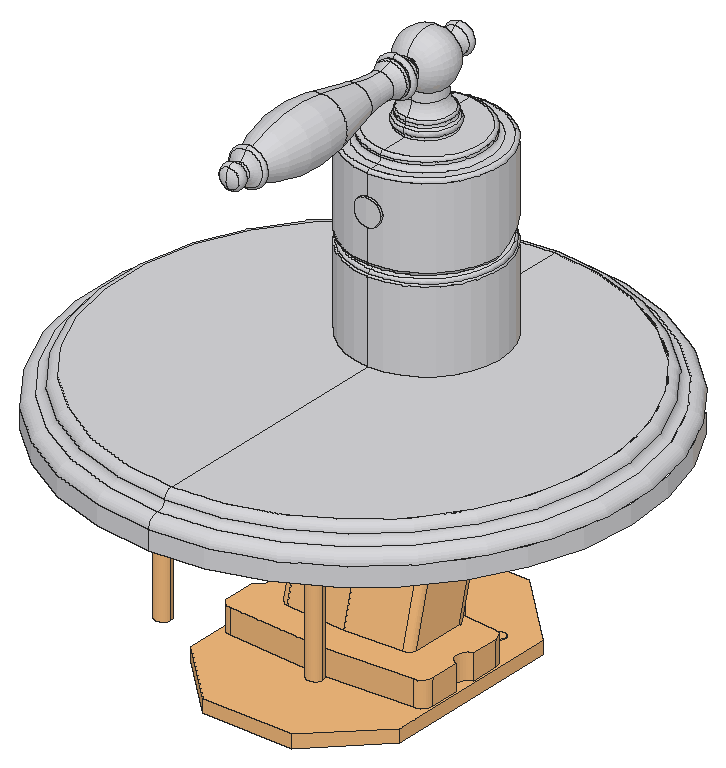
Revit family "Shower-Valve_Trim-KOHLER-MODULO-K-72804T_1", category Plumbing Fixtures, host Face, Revit 2017
Family settings
  Host = Face
  Round Connector Dimension = Use Diameter
  Part Type = Normal
  OmniClass Number = 23.31.25.00
  OmniClass Title = Toilet and Bath Specialties
  Cut with Voids When Loaded = No
  Shared = No
  Room Calculation Point = No
Parameters (values of type "CP-Polished Chrome")
  Width = 7 11/128"  # constant formula
  WaterSense Certified = 1 = 0  # no
  Waste Water Outlet = "Waste Water Outlet"  # constant formula
  Waste Connection = 1 = 0  # no
  Vent Connection = 1 = 0  # no
  URL = "http://www.kohler.com.cn/"
  Type = 1
  Tempered Water Outlet 2 = "Tempered Water Outlet 2"  # constant formula
  Tempered Water Outlet 1 = "Tempered Water Outlet 1"  # constant formula
  Product Page URL = ""
  Product Name = "MODULO"  # constant formula
  Product Documentation Link = ""
  Pressure = 0.00 psi
  Model = "K-72804T-4M-CP"  # constant formula
  Material = "Premium Metal Construction"  # constant formula
  Master Format 2014 Name = "Toilet, Bath, and Laundry Accessories"  # constant formula
  Master Format 2014 = "10 28 00"  # constant formula
  Manufacturer Address = "Kohler Beijing Office (100016) 36-2-03-B, No. 88, Liuxiang Road, Beijing"  # constant formula
  Manufacturer = "KOHLER Co."  # constant formula
  Length = 4 13/64"  # constant formula
  Hot Water Inlet = "Hot Water Inlet"  # constant formula
  Height = 7 11/128"  # constant formula
  Handle Clearance = 3 79/256"  # constant formula
  HW Connection = 1 = 1  # yes
  Flow Rate = 0 GPM
  Finish = Kohler-Metal-CP-Polished_Chrome
  Environmental Product Declaration = ""
  Drain Included = 1 = 0  # no
  Description = "CLASSIC SHOWER ONLY TRIM AND VALVE -FINIAL"  # constant formula
  Default Elevation = 42"
  Declare Label = ""
  Date Modified = "07/29/2020"  # constant formula
  Date Created = "07/29/2020"  # constant formula
  Copyright = "Copyright KOHLER Co."  # constant formula
  Contact Us = "http://www.kohler.com.cn/contact/contact-us/"
  Cold Water Inlet = "Cold Water Inlet"  # constant formula
  CW Connection = 1 = 1  # yes
  Assembly Code = "D2010700"
  ADA Compliant = 1 = 0  # no
Reference planes (in)
  plane 1 "Center (Front/Back)": y = 0
  plane 2: z = 0
  plane 3 "Center (Left/Right)": x = 0
  plane 4: y = 3.54331
  plane 5: y = -3.54263
  plane 6: x = -3.54331
  plane 7: x = 3.54263
  plane 8: y = 2.00793
  plane 9: y = 1.76045
  plane 10: y = 1.04331
  plane 11: y = 0.07869
  plane 12: y = -2.26529
  plane 13: x = -0.96343
  plane 14: x = 0.96343
  plane 15: z = 0.59055
  plane 16: z = -2.84375
  plane 17: z = 3.8189
  plane 18: z = 4.20312
  plane 19: z = 2.91339
Forms (in)
  Extrusion 1, void
    sketch origin (0, 0, 0) x (1, 0, 0) y (0, 1, 0)
      loop
        arc (0.9685, -3.01332) -> (1.67561, -2.72042) -> (1.9685, -2.01332) r 1
        line (1.9685, -2.01332) -> (1.9685, 2.01181)
        arc (1.9685, 2.01181) -> (1.67561, 2.71892) -> (0.9685, 3.01181) r 1
        line (0.9685, 3.01181) -> (-0.9685, 3.01181)
        arc (-0.9685, 3.01181) -> (-1.67561, 2.71892) -> (-1.9685, 2.01181) r 1
        line (-1.9685, 2.01181) -> (-1.9685, -2.01332)
        arc (-1.9685, -2.01332) -> (-1.67561, -2.72042) -> (-0.9685, -3.01332) r 1
        line (-0.9685, -3.01332) -> (0.9685, -3.01332)
    from 0 to -2.84375
Dimensions and locks (in)
  "Width": plane 6 to plane 7
  "Height": plane 5 to plane 4
  plane 15 to plane 2 = 0.59055"
  locked: plane 17 to plane 2 at 3.8189
  "Length": plane 18 to plane 2
  "Handle Clearance": plane 10 to plane 12
  aligned and locked: plane 2 to host face
  aligned and locked: level to host face
Automatic sketch dimensions
  host sketch curve to host sketch curve = 96"  (x2)
  Extrusion 1 sketch curve to plane 12 = 0.25197"  (x2)
  plane 13 to Extrusion 1 sketch curve = 1.00508"
  plane 13 to Extrusion 1 sketch curve = 0.00508"  (x2)
  plane 14 to Extrusion 1 sketch curve = 0.00508"  (x2)
  plane 8 to Extrusion 1 sketch curve = 0.00388"
Nested families (in)
  nested 1: "K-72804T" at (0, 0, 0), type "K-72804T"
Connectors (in)
  piping at (-0.96343, 1.04331, -2.84375), diameter 0.5, driven by "HW Connection", driven by "Hot Water Inlet", driven by "Flow Rate"
    settings: on nested 1, index 1, connector inside diameter 24", connector length 0", flow factor 0, pipe flow 0 GPM, pressure drop 0.00 psi, fitting loss kfactor 0, connector angle 0.00°, fixture units 0, engagement length 0", angle of deflection 0.00°, flow configuration 0, flow direction 1, fitting loss method 0, system type 19, joint type 0, gender type 0, connector reference index -1, connector utility 1, adjustable connector no, is connector primary yes, connector description "Hot Water Inlet"
  piping at (0.96343, 1.04331, -2.84375), diameter 0.5, driven by "CW Connection", driven by "Cold Water Inlet", driven by "Flow Rate"
    settings: on nested 1, index 2, connector inside diameter 24", connector length 0", flow factor 0, pipe flow 0 GPM, pressure drop 0.00 psi, fitting loss kfactor 0, connector angle 0.00°, fixture units 0, engagement length 0", angle of deflection 0.00°, flow configuration 0, flow direction 1, fitting loss method 0, system type 20, joint type 0, gender type 0, connector reference index -1, connector utility 1, adjustable connector no, is connector primary no, connector description "Cold Water Inlet"
  piping at (0, 2.00793, -2.84375), diameter 0.5, driven by "HW Connection", driven by "Tempered Water Outlet 1", driven by "Flow Rate"
    settings: on nested 1, index 3, connector inside diameter 24", connector length 0", flow factor 0, pipe flow 0 GPM, pressure drop 0.00 psi, fitting loss kfactor 0, connector angle 0.00°, fixture units 0, engagement length 0", angle of deflection 0.00°, flow configuration 0, flow direction 2, fitting loss method 0, system type 19, joint type 0, gender type 0, connector reference index -1, connector utility 1, adjustable connector no, is connector primary no, connector description "Tempered Water Outlet 1"
  piping at (0, 0.07869, -2.84375), diameter 0.5, driven by "HW Connection", driven by "Tempered Water Outlet 2", driven by "Flow Rate"
    settings: on nested 1, index 4, connector inside diameter 24", connector length 0", flow factor 0, pipe flow 0 GPM, pressure drop 0.00 psi, fitting loss kfactor 0, connector angle 0.00°, fixture units 0, engagement length 0", angle of deflection 0.00°, flow configuration 0, flow direction 2, fitting loss method 0, system type 19, joint type 0, gender type 0, connector reference index -1, connector utility 1, adjustable connector no, is connector primary no, connector description "Tempered Water Outlet 2"
Definition of nested family "K-72804T"
  Parameters (values of type "K-72804T")
    Material = none
  Reference planes (in)
    plane 1 "Center (Front/Back)": y = 0
    plane 2: z = 0
    plane 3 "Center (Left/Right)": x = 0
    plane 4: x = -3.54331
    plane 5: x = 3.54331
    plane 6: y = 3.54331
    plane 7: y = -3.54331
    plane 8: y = 1.04331
    plane 9: y = -2.26378
    plane 10: z = 0.59055
    plane 11: x = -0.7874
    plane 12: x = 0.7874
    plane 13: z = -2.84375
    plane 14: y = 2.00793
    plane 15: y = 0.07869
    plane 16: x = -0.96343
    plane 17: x = 0.96343
    plane 18: z = 3.8189
    plane 19: z = 4.20362
  Forms (in)
    Revolve 1, solid, material <- "Material", detail levels medium+fine
      sketch origin (0, 0, 0) x (0, 1, 0) y (0, 0, 1)
        loop
          line (0, 0.59055) -> (0, 0) -> (3.54331, 0) -> (3.54331, 0.24917)
          arc (3.54331, 0.24917) -> (3.49525, 0.35721) -> (3.38283, 0.39385) r 0.14546
          arc (3.38283, 0.39385) -> (3.30959, 0.41558) -> (3.27304, 0.48266) r 0.10004
          arc (3.27304, 0.48266) -> (3.23365, 0.55962) -> (3.15292, 0.59055) r 0.12081
          line (3.15292, 0.59055) -> (0, 0.59055)
        axis (0, 0.59055) -> (0, 0)
      angle from 0 to 360
    Revolve 2, solid, material <- "Material", detail levels medium+fine
      sketch origin (0, 0, 0) x (0, 1, 0) y (0, 0, 1)
        loop
          line (1.04331, 2.18504) -> (0.3553, 2.18504)
          arc (0.3553, 2.18504) -> (0.26929, 2.00604) -> (0.23705, 1.81009) r 0.69947
          arc (0.23705, 1.81009) -> (0.21983, 1.76184) -> (0.1771, 1.7336) r 0.08091
          line (0.1771, 1.7336) -> (0.12428, 1.71945)
          arc (0.12428, 1.71945) -> (0.10201, 1.70166) -> (0.09993, 1.67323) r 0.03559
          arc (0.09993, 1.67323) -> (0.08491, 1.66701) -> (0.07869, 1.65198) r 0.02124
          line (0.07869, 1.65198) -> (0.07869, 0.59055) -> (1.04331, 0.59055) -> (1.04331, 2.18504)
        axis (1.04331, 2.18504) -> (1.04331, 0.59055)
      angle from 0 to 360
    Revolve 3, solid, material <- "Material", detail levels medium+fine
      sketch origin (0, 0, 0) x (0, 1, 0) y (0, 0, 1)
        loop
          line (0.10889, 1.78346) -> (1.04331, 1.78346) -> (1.04331, 3.8189) -> (0.80099, 3.8189)
          arc (0.80099, 3.8189) -> (0.80859, 3.62043) -> (0.80445, 3.42186) r 3.36073
          arc (0.80445, 3.42186) -> (0.77926, 3.32918) -> (0.71771, 3.25544) r 0.22504
          arc (0.71771, 3.25544) -> (0.70492, 3.23717) -> (0.70466, 3.21487) r 0.03777
          arc (0.70466, 3.21487) -> (0.7068, 3.19716) -> (0.70298, 3.17974) r 0.05335
          arc (0.70298, 3.17974) -> (0.69258, 3.16117) -> (0.67785, 3.1458) r 0.08409
          arc (0.67785, 3.1458) -> (0.6624, 3.11356) -> (0.67769, 3.08123) r 0.04159
          arc (0.67769, 3.08123) -> (0.68816, 3.06356) -> (0.6847, 3.04331) r 0.02981
          line (0.6847, 3.04331) -> (0.33545, 3.04331)
          arc (0.33545, 3.04331) -> (0.30644, 3.03129) -> (0.29442, 3.00227) r 0.04103
          line (0.29442, 3.00227) -> (0.29442, 2.97076)
          arc (0.29442, 2.97076) -> (0.27761, 2.93019) -> (0.23704, 2.91339) r 0.05738
          line (0.23704, 2.91339) -> (0.12047, 2.91339)
          arc (0.12047, 2.91339) -> (0.09065, 2.90103) -> (0.07829, 2.87121) r 0.04218
          line (0.07829, 2.87121) -> (0.07829, 1.81407)
          arc (0.07829, 1.81407) -> (0.08725, 1.79243) -> (0.10889, 1.78346) r 0.0306
        axis (1.04331, 3.8189) -> (1.04331, 1.78346)
      angle from 0 to 360
    Extrusion 4, void
      sketch origin (0, 0, 0) x (0, 1, 0) y (0, 0, 1)
        loop
          line (2.1425, 2.24503) -> (0.89217, 1.75353) -> (2.1425, 1.75353) -> (2.1425, 2.24503)
      from -1.10745 to 1.17611
    Extrusion 5, solid, detail levels medium+fine
      sketch origin (0.00225, 0.00359, 0) x (1, 0, 0) y (0, 1, 0)
        loop
          line (-0.97075, -3.0154) -> (0.96626, -3.0154)
          arc (0.96626, -3.0154) -> (1.67336, -2.72251) -> (1.96626, -2.0154) r 1
          line (1.96626, -2.0154) -> (1.96626, 2.00822)
          arc (1.96626, 2.00822) -> (1.67336, 2.71533) -> (0.96626, 3.00822) r 1
          line (0.96626, 3.00822) -> (-0.97075, 3.00822)
          arc (-0.97075, 3.00822) -> (-1.67786, 2.71533) -> (-1.97075, 2.00822) r 1
          line (-1.97075, 2.00822) -> (-1.97075, -2.0154)
          arc (-1.97075, -2.0154) -> (-1.67786, -2.72251) -> (-0.97075, -3.0154) r 1
      from -0.07982 to 0
    Extrusion 6, solid, detail levels medium+fine
      sketch origin (0.00136, 0.0035, 0) x (1, 0, 0) y (0, 1, 0)
        loop
          circle (1.00168, 2.04342) r 0.10271
        loop
          circle (1.00168, -2.05059) r 0.10271
        loop
          circle (-1.00617, 2.04342) r 0.10271
        loop
          circle (-1.00617, -2.05059) r 0.10271
      from -1.79044 to -0.07982
    Sweep 7, solid, detail levels medium+fine
      path origin (-0.00073, 0.01151, -0.00479) x (0, 1, 0) y (0, 0, 1)
        loop
          line (0.78311, -2.79502) -> (1.53342, 0.00517)
      profile origin (-0.00073, 1.16977, -1.39971) x (0, -0.965926, 0.258819) y (1, 0, 0)
        loop
          arc (0.25209, 0.486) -> (0.21961, 0.41977) -> (0.15089, 0.39299) r 0.10156
          line (0.15089, 0.39299) -> (0.11122, 0.39299)
          arc (0.11122, 0.39299) -> (0.04154, 0.36496) -> (0.01069, 0.29648) r 0.10061
          line (0.01069, 0.29648) -> (-0.00149, -0.00225) -> (0.01066, -0.30006)
          arc (0.01066, -0.30006) -> (0.0418, -0.36919) -> (0.11214, -0.39749) r 0.10156
          line (0.11214, -0.39749) -> (0.14307, -0.39749)
          arc (0.14307, -0.39749) -> (0.2118, -0.42427) -> (0.24427, -0.4905) r 0.10156
          line (0.24427, -0.4905) -> (0.26949, -0.78891)
          arc (0.26949, -0.78891) -> (0.30197, -0.85514) -> (0.37069, -0.88192) r 0.10156
          line (0.37069, -0.88192) -> (1.05187, -0.88192)
          arc (1.05187, -0.88192) -> (1.12185, -0.85397) -> (1.1533, -0.7855) r 0.10156
          line (1.1533, -0.7855) -> (1.19295, -0.00225) -> (1.15469, 0.75366)
          arc (1.15469, 0.75366) -> (1.12323, 0.82213) -> (1.05326, 0.85008) r 0.10156
          line (1.05326, 0.85008) -> (0.3762, 0.85008)
          arc (0.3762, 0.85008) -> (0.30747, 0.8233) -> (0.27499, 0.75707) r 0.10156
          line (0.27499, 0.75707) -> (0.25209, 0.486)
    Extrusion 8, solid, detail levels medium+fine
      sketch origin (0.00084, -0.00193, 0) x (1, 0, 0) y (0, 1, 0)
        loop
          arc (0.69439, 0.69724) -> (0.61884, 0.7345) -> (0.5883, 0.81301) r 0.11622
          line (0.5883, 0.81301) -> (0.5883, 0.86632)
          arc (0.5883, 0.86632) -> (0.53381, 1.00191) -> (0.40063, 1.06208) r 0.19594
          line (0.40063, 1.06208) -> (-0.00225, 1.07909) -> (-0.40572, 1.06206)
          arc (-0.40572, 1.06206) -> (-0.53848, 1.00208) -> (-0.5928, 0.86692) r 0.19531
          line (-0.5928, 0.86692) -> (-0.5928, 0.8139)
          arc (-0.5928, 0.8139) -> (-0.62359, 0.73473) -> (-0.69977, 0.69716) r 0.11719
          line (-0.69977, 0.69716) -> (-1.21517, 0.65207)
          arc (-1.21517, 0.65207) -> (-1.31168, 0.60448) -> (-1.35067, 0.5042) r 0.14844
          line (-1.35067, 0.5042) -> (-1.35067, 0.146)
          arc (-1.35067, 0.146) -> (-1.24319, -0.00359) -> (-1.35067, -0.15318) r 0.15784
          line (-1.35067, -0.15318) -> (-1.35067, -0.53234)
          arc (-1.35067, -0.53234) -> (-1.30991, -0.63452) -> (-1.21, -0.68058) r 0.14844
          line (-1.21, -0.68058) -> (-0.00225, -0.74387) -> (1.20551, -0.68058)
          arc (1.20551, -0.68058) -> (1.30541, -0.63452) -> (1.34618, -0.53234) r 0.14844
          line (1.34618, -0.53234) -> (1.34618, -0.15318)
          arc (1.34618, -0.15318) -> (1.23674, -0.00359) -> (1.34618, 0.146) r 0.15696
          line (1.34618, 0.146) -> (1.34618, 0.50371)
          arc (1.34618, 0.50371) -> (1.30704, 0.60435) -> (1.2102, 0.65211) r 0.14896
          line (1.2102, 0.65211) -> (0.69439, 0.69724)
      from -2.82199 to -2.34889
    Extrusion 9, solid, detail levels medium+fine
      sketch origin (-0.00026, 0.06223, 0) x (1, 0, 0) y (0, 1, 0)
        loop
          line (-1.3802, 1.17751) -> (-1.3802, -1.18469) -> (-0.5928, -1.97209) -> (0.5883, -1.97209) -> (1.3757, -1.18469) -> (1.3757, 1.17751) -> (0.46527, 2.08795) -> (-0.46977, 2.08795) -> (-1.3802, 1.17751)
      from -2.84375 to -2.67717
    Extrusion 10, solid, material <- "Material", detail levels medium+fine
      sketch origin (0, 0, 0) x (1, 0, 0) y (0, 0, 1)
        loop
          circle (0, 2.42345) r 0.17717
      from -0.28353 to 0.03914
    Extrusion 11, void
      sketch origin (0, 0, 0) x (1, 0, 0) y (0, 1, 0)
        loop
          line (-0.29378, 0.10181) -> (-0.29378, -0.06663) -> (0.29378, -0.06663) -> (0.29378, 0.10181)
          arc (0.29378, 0.10181) -> (0, 0.058) -> (-0.29378, 0.10181) r 1.00684
      from 2.18504 to 2.76179
    Extrusion 12, void
      sketch origin (0, 0, 0) x (0, 1, 0) y (0, 0, 1)
        loop
          line (1.6905, -0.04345) -> (1.6905, 0.37463) -> (0.25367, 0.37463) -> (0.25367, -0.04345) -> (1.6905, -0.04345)
      from -2.12904 to 2.3774
    Extrusion 13, solid, detail levels coarse
      sketch origin (0, 0, 0) x (1, 0, 0) y (0, 1, 0)
        loop
          line (-1.38046, -1.12246) -> (-0.59306, -1.90987) -> (0.58805, -1.90987) -> (1.37545, -1.12246) -> (1.37545, 1.23974) -> (0.46501, 2.15017) -> (-0.47003, 2.15017) -> (-1.38046, 1.23974) -> (-1.38046, -1.12246)
      from -2.84375 to 0
    Extrusion 14, solid, detail levels medium+fine
      sketch origin (0, 0, 0) x (1, 0, 0) y (0, 1, 0)
        loop
          circle (-0.96343, 1.04331) r 0.07874
        loop
          circle (0, 2.00793) r 0.07874
        loop
          circle (0, 0.07869) r 0.07874
        loop
          circle (0.96343, 1.04331) r 0.07874
      from -2.84375 to -2.67717
    Revolve 15, solid, material <- "Material", detail levels medium+fine
      sketch origin (0, 0, 0) x (0, 1, 0) y (0, 0, 1)
        loop
          line (-2.26369, 3.8189) -> (1.76133, 3.8189)
          arc (1.76133, 3.8189) -> (1.75519, 3.84387) -> (1.73818, 3.86315) r 0.05385
          arc (1.73818, 3.86315) -> (1.68183, 3.91266) -> (1.63819, 3.97366) r 0.32854
          arc (1.63819, 3.97366) -> (1.5836, 4.01076) -> (1.52132, 3.98891) r 0.07328
          arc (1.52132, 3.98891) -> (1.46993, 3.9535) -> (1.40879, 3.94103) r 0.15618
          line (1.40879, 3.94103) -> (1.35875, 3.94103) -> (1.35875, 3.97264)
          arc (1.35875, 3.97264) -> (1.04331, 4.18879) -> (0.72787, 3.97264) r 0.33824
          line (0.72787, 3.97264) -> (0.72787, 3.94103)
          arc (0.72787, 3.94103) -> (0.6319, 3.97195) -> (0.57303, 4.0538) r 0.16132
          arc (0.57303, 4.0538) -> (0.53276, 4.07884) -> (0.50188, 4.04284) r 0.03642
          line (0.50188, 4.04284) -> (0.50188, 4.00368)
          arc (0.50188, 4.00368) -> (0.48326, 4.0353) -> (0.44657, 4.03434) r 0.03615
          arc (0.44657, 4.03434) -> (0.3683, 3.99961) -> (0.28346, 3.98804) r 0.30473
          arc (0.28346, 3.98804) -> (0.06978, 4.00141) -> (-0.14098, 4.03906) r 1.87456
          arc (-0.14098, 4.03906) -> (-0.41809, 4.10233) -> (-0.69635, 4.16036) r 15.0618
          arc (-0.69635, 4.16036) -> (-1.29397, 4.17905) -> (-1.86543, 4.00317) r 1.8211
          arc (-1.86543, 4.00317) -> (-1.877, 4.05879) -> (-1.93083, 4.04064) r 0.03796
          arc (-1.93083, 4.04064) -> (-1.96819, 3.97781) -> (-2.02109, 3.92736) r 0.26894
          arc (-2.02109, 3.92736) -> (-2.05175, 3.92048) -> (-2.07787, 3.93794) r 0.03989
          arc (-2.07787, 3.93794) -> (-2.14281, 3.97666) -> (-2.21319, 3.94901) r 0.08585
          arc (-2.21319, 3.94901) -> (-2.25062, 3.88868) -> (-2.26369, 3.8189) r 0.19287
        axis (1.76133, 3.8189) -> (-2.26369, 3.8189)
      angle from 0 to 360
    Extrusion 16, solid, material <- "Material", detail levels coarse
      sketch origin (0, 0, 0) x (1, 0, 0) y (0, 1, 0)
        loop
          circle (0, 0) r 3.54331
      from 0 to 0.59055
    Revolve 17, solid, material <- "Material", detail levels coarse
      sketch origin (0, 0, 0) x (0, 1, 0) y (0, 0, 1)
        loop
          line (1.04331, 3.8189) -> (0.83225, 3.8189) -> (0.64549, 3.04331) -> (0.07869, 3.04331) -> (0.07869, 0.59055) -> (1.04331, 0.59055) -> (1.04331, 3.8189)
        axis (1.04331, 3.8189) -> (1.04331, 0.59055)
      angle from 0 to 360
    Revolve 18, solid, material <- "Material", detail levels coarse
      sketch origin (0, 0, 0) x (0, 1, 0) y (0, 0, 1)
        loop
          line (1.76124, 3.8189) -> (1.76124, 4.01076) -> (1.35865, 4.01076) -> (1.35865, 4.20362) -> (0.72796, 4.20362) -> (0.72796, 4.01076) -> (0.57294, 4.01076) -> (0.57294, 4.09737) -> (0.4346, 4.09737) -> (0.4346, 4.01076) -> (0.29515, 4.01076)
          arc (0.29515, 4.01076) -> (-0.17081, 4.04322) -> (-0.62778, 4.13996) r 3.36112
          arc (-0.62778, 4.13996) -> (-1.2601, 4.19323) -> (-1.86553, 4.00317) r 1.64481
          line (-1.86553, 4.00317) -> (-1.86553, 4.08509) -> (-1.96355, 4.08509) -> (-1.96355, 3.98393) -> (-2.26378, 3.98393) -> (-2.26378, 3.8189) -> (1.76124, 3.8189)
        axis (-2.26378, 3.8189) -> (1.76124, 3.8189)
      angle from 0 to 360
  Cuts and joins
    Extrusion 4 cuts Revolve 3
    Extrusion 11 cuts Extrusion 10
    joined: Revolve 1, Revolve 2, Revolve 3, Extrusion 10, Revolve 15
    Extrusion 12 cuts Sweep 7
    joined: Extrusion 5, Extrusion 6, Sweep 7
    joined: Extrusion 8, Extrusion 9
    joined: Extrusion 16, Revolve 17, Revolve 18
  Lines and regions (in)
    Masking region 1
      outline origin (0, 0, 0) x (0, 1, 0) y (0, 0, 1)
        loop
          line (2.14972, -2.84375) -> (2.14972, -2.67717) -> (1.08268, -2.67717) -> (1.08268, -2.34889) -> (0.90777, -2.34889) -> (1.51577, -0.07982) -> (1.94429, -0.07982) -> (1.94429, -1.79044) -> (2.14972, -1.79044) -> (2.14972, -0.07982) -> (3.01181, -0.07982) -> (3.01181, 0) -> (-3.01181, 0) -> (-3.01181, -0.07982) -> (-2.14972, -0.07982) -> (-2.14972, -1.79044) -> (-1.94429, -1.79044) -> (-1.94429, -0.07982) -> (0.2792, -0.07982) -> (-0.3288, -2.34889) -> (-0.74028, -2.34889) -> (-0.74028, -2.67717) -> (-1.9685, -2.67717) -> (-1.9685, -2.84375) -> (2.14972, -2.84375)
    Masking region 2
      outline origin (0, 0, 0) x (0, 1, 0) y (0, 0, 1)
        loop
          arc (-1.86088, 3.63231) -> (-1.88631, 3.58591) -> (-1.93506, 3.60645) r 0.03949
          arc (-1.93506, 3.60645) -> (-1.97149, 3.66394) -> (-2.02118, 3.71043) r 0.26894
          arc (-2.02118, 3.71043) -> (-2.05184, 3.71731) -> (-2.07796, 3.69986) r 0.03989
          arc (-2.07796, 3.69986) -> (-2.14291, 3.66114) -> (-2.21328, 3.68878) r 0.08585
          arc (-2.21328, 3.68878) -> (-2.25071, 3.74911) -> (-2.26378, 3.8189) r 0.19287
          arc (-2.26378, 3.8189) -> (-2.25071, 3.88868) -> (-2.21328, 3.94901) r 0.19287
          arc (-2.21328, 3.94901) -> (-2.14291, 3.97666) -> (-2.07796, 3.93794) r 0.08585
          arc (-2.07796, 3.93794) -> (-2.05184, 3.92048) -> (-2.02118, 3.92736) r 0.03989
          arc (-2.02118, 3.92736) -> (-1.97306, 3.97198) -> (-1.93718, 4.02693) r 0.26894
          arc (-1.93718, 4.02693) -> (-1.89099, 4.04631) -> (-1.86553, 4.00317) r 0.0381
          arc (-1.86553, 4.00317) -> (-1.6758, 4.0849) -> (-1.47803, 4.14461) r 1.8211
          arc (-1.47803, 4.14461) -> (-1.27762, 4.18879) -> (-1.07292, 4.20362) r 1.41985
          arc (-1.07292, 4.20362) -> (-0.88344, 4.19277) -> (-0.69644, 4.16036) r 1.6597
          arc (-0.69644, 4.16036) -> (-0.41818, 4.10233) -> (-0.14107, 4.03906) r 15.0618
          arc (-0.14107, 4.03906) -> (0.06969, 4.00141) -> (0.28336, 3.98804) r 1.87456
          arc (0.28336, 3.98804) -> (0.36821, 3.99961) -> (0.44648, 4.03434) r 0.30473
          arc (0.44648, 4.03434) -> (0.48316, 4.0353) -> (0.50179, 4.00368) r 0.03615
          line (0.50179, 4.00368) -> (0.50179, 4.04284)
          arc (0.50179, 4.04284) -> (0.53266, 4.07884) -> (0.57294, 4.0538) r 0.03642
          arc (0.57294, 4.0538) -> (0.63181, 3.97195) -> (0.72778, 3.94103) r 0.16132
          line (0.72778, 3.94103) -> (0.72778, 3.97205)
          arc (0.72778, 3.97205) -> (0.84761, 4.13952) -> (1.04331, 4.20362) r 0.33075
          arc (1.04331, 4.20362) -> (1.23876, 4.1397) -> (1.35865, 3.97264) r 0.33075
          line (1.35865, 3.97264) -> (1.35865, 3.94103) -> (1.40869, 3.94103)
          arc (1.40869, 3.94103) -> (1.46984, 3.9535) -> (1.52123, 3.98891) r 0.15618
          arc (1.52123, 3.98891) -> (1.58351, 4.01076) -> (1.6381, 3.97366) r 0.07328
          arc (1.6381, 3.97366) -> (1.68174, 3.91266) -> (1.73808, 3.86315) r 0.32854
          arc (1.73808, 3.86315) -> (1.7551, 3.84387) -> (1.76124, 3.8189) r 0.05385
          arc (1.76124, 3.8189) -> (1.7551, 3.79393) -> (1.73808, 3.77465) r 0.05385
          arc (1.73808, 3.77465) -> (1.68174, 3.72514) -> (1.6381, 3.66414) r 0.32854
          arc (1.6381, 3.66414) -> (1.58351, 3.62703) -> (1.52123, 3.64888) r 0.07328
          arc (1.52123, 3.64888) -> (1.46984, 3.6843) -> (1.40869, 3.69676) r 0.15618
          line (1.40869, 3.69676) -> (1.35865, 3.69676) -> (1.35865, 3.66516)
          arc (1.35865, 3.66516) -> (1.32503, 3.6002) -> (1.27823, 3.54399) r 0.33824
          arc (1.27823, 3.54399) -> (1.27964, 3.48291) -> (1.28216, 3.42186) r 3.36073
          arc (1.28216, 3.42186) -> (1.30736, 3.32918) -> (1.3689, 3.25544) r 0.22504
          arc (1.3689, 3.25544) -> (1.3817, 3.23717) -> (1.38195, 3.21487) r 0.03777
          arc (1.38195, 3.21487) -> (1.37981, 3.19716) -> (1.38363, 3.17974) r 0.05335
          arc (1.38363, 3.17974) -> (1.39403, 3.16117) -> (1.40876, 3.1458) r 0.08409
          arc (1.40876, 3.1458) -> (1.42421, 3.11356) -> (1.40892, 3.08123) r 0.04159
          arc (1.40892, 3.08123) -> (1.39846, 3.06356) -> (1.40192, 3.04331) r 0.02981
          line (1.40192, 3.04331) -> (1.75116, 3.04331)
          arc (1.75116, 3.04331) -> (1.78018, 3.03129) -> (1.7922, 3.00227) r 0.04103
          line (1.7922, 3.00227) -> (1.7922, 2.97076)
          arc (1.7922, 2.97076) -> (1.809, 2.93019) -> (1.84957, 2.91339) r 0.05738
          line (1.84957, 2.91339) -> (1.96615, 2.91339)
          arc (1.96615, 2.91339) -> (1.99597, 2.90103) -> (2.00832, 2.87121) r 0.04218
          line (2.00832, 2.87121) -> (2.00832, 2.21626)
          arc (2.00832, 2.21626) -> (2.00222, 2.19645) -> (1.98602, 2.18352) r 0.03518
          line (1.98602, 2.18352) -> (1.77899, 2.10214)
          arc (1.77899, 2.10214) -> (1.83014, 1.95995) -> (1.84956, 1.81009) r 0.69947
          arc (1.84956, 1.81009) -> (1.86678, 1.76184) -> (1.90952, 1.7336) r 0.08091
          line (1.90952, 1.7336) -> (1.96233, 1.71945)
          arc (1.96233, 1.71945) -> (1.98461, 1.70166) -> (1.98668, 1.67323) r 0.03559
          arc (1.98668, 1.67323) -> (2.00171, 1.66701) -> (2.00793, 1.65198) r 0.02124
          line (2.00793, 1.65198) -> (2.00793, 0.59055) -> (3.15292, 0.59055)
          arc (3.15292, 0.59055) -> (3.23365, 0.55962) -> (3.27304, 0.48266) r 0.12081
          arc (3.27304, 0.48266) -> (3.30959, 0.41558) -> (3.38283, 0.39385) r 0.10004
          arc (3.38283, 0.39385) -> (3.49525, 0.35721) -> (3.54331, 0.24917) r 0.14546
          line (3.54331, 0.24917) -> (3.54331, 0) -> (0, 0) -> (-3.54331, 0) -> (-3.54331, 0.24917)
          arc (-3.54331, 0.24917) -> (-3.49525, 0.35721) -> (-3.38283, 0.39385) r 0.14546
          arc (-3.38283, 0.39385) -> (-3.30959, 0.41558) -> (-3.27304, 0.48266) r 0.10004
          arc (-3.27304, 0.48266) -> (-3.23365, 0.55962) -> (-3.15292, 0.59055) r 0.12081
          line (-3.15292, 0.59055) -> (0.07869, 0.59055) -> (0.07869, 1.65198)
          arc (0.07869, 1.65198) -> (0.08491, 1.66701) -> (0.09993, 1.67323) r 0.02124
          arc (0.09993, 1.67323) -> (0.10201, 1.70166) -> (0.12428, 1.71945) r 0.03559
          line (0.12428, 1.71945) -> (0.1771, 1.7336)
          arc (0.1771, 1.7336) -> (0.21057, 1.75188) -> (0.23196, 1.78346) r 0.08091
          line (0.23196, 1.78346) -> (0.10889, 1.78346)
          arc (0.10889, 1.78346) -> (0.08725, 1.79243) -> (0.07829, 1.81407) r 0.0306
          line (0.07829, 1.81407) -> (0.07829, 2.22044) -> (0.0581, 2.24928) -> (0.0581, 2.60061) -> (0.07829, 2.62841) -> (0.07829, 2.87121)
          arc (0.07829, 2.87121) -> (0.09065, 2.90103) -> (0.12047, 2.91339) r 0.04218
          line (0.12047, 2.91339) -> (0.23704, 2.91339)
          arc (0.23704, 2.91339) -> (0.27761, 2.93019) -> (0.29442, 2.97076) r 0.05738
          line (0.29442, 2.97076) -> (0.29442, 3.00227)
          arc (0.29442, 3.00227) -> (0.30644, 3.03129) -> (0.33545, 3.04331) r 0.04103
          line (0.33545, 3.04331) -> (0.6847, 3.04331)
          arc (0.6847, 3.04331) -> (0.68816, 3.06356) -> (0.67769, 3.08123) r 0.02981
          arc (0.67769, 3.08123) -> (0.6624, 3.11356) -> (0.67785, 3.1458) r 0.04159
          arc (0.67785, 3.1458) -> (0.69258, 3.16117) -> (0.70298, 3.17974) r 0.08409
          arc (0.70298, 3.17974) -> (0.7068, 3.19716) -> (0.70466, 3.21487) r 0.05335
          arc (0.70466, 3.21487) -> (0.70492, 3.23717) -> (0.71771, 3.25544) r 0.03777
          arc (0.71771, 3.25544) -> (0.77926, 3.32918) -> (0.80445, 3.42186) r 0.22504
          arc (0.80445, 3.42186) -> (0.80697, 3.48282) -> (0.80838, 3.54381) r 3.36073
          arc (0.80838, 3.54381) -> (0.76147, 3.6001) -> (0.72778, 3.66516) r 0.33824
          line (0.72778, 3.66516) -> (0.72778, 3.69676)
          arc (0.72778, 3.69676) -> (0.63181, 3.66585) -> (0.57294, 3.58399) r 0.16132
          arc (0.57294, 3.58399) -> (0.53266, 3.55895) -> (0.50179, 3.59495) r 0.03642
          line (0.50179, 3.59495) -> (0.50179, 3.63411)
          arc (0.50179, 3.63411) -> (0.48316, 3.6025) -> (0.44648, 3.60346) r 0.03615
          arc (0.44648, 3.60346) -> (0.36821, 3.63818) -> (0.28336, 3.64976) r 0.30473
          arc (0.28336, 3.64976) -> (0.06969, 3.63639) -> (-0.14107, 3.59874) r 1.87456
          arc (-0.14107, 3.59874) -> (-0.41818, 3.53547) -> (-0.69644, 3.47743) r 15.0618
          arc (-0.69644, 3.47743) -> (-1.29406, 3.45875) -> (-1.86553, 3.63462) r 1.8211
    Masking region 3
      outline origin (0, 0, 0) x (1, 0, 0) y (0, 0, 1)
        loop
          line (3.54331, 0) -> (3.54331, 0.24917)
          arc (3.54331, 0.24917) -> (3.49525, 0.35721) -> (3.38283, 0.39385) r 0.14546
          arc (3.38283, 0.39385) -> (3.30959, 0.41558) -> (3.27304, 0.48266) r 0.10004
          arc (3.27304, 0.48266) -> (3.23365, 0.55962) -> (3.15292, 0.59055) r 0.12081
          line (3.15292, 0.59055) -> (0.96337, 0.59055) -> (0.96337, 1.65198)
          arc (0.96337, 1.65198) -> (0.95714, 1.66701) -> (0.94212, 1.67323) r 0.02124
          arc (0.94212, 1.67323) -> (0.94004, 1.70166) -> (0.91777, 1.71945) r 0.03559
          line (0.91777, 1.71945) -> (0.86496, 1.7336)
          arc (0.86496, 1.7336) -> (0.83148, 1.75188) -> (0.81009, 1.78346) r 0.08091
          line (0.81009, 1.78346) -> (0.93567, 1.78346)
          arc (0.93567, 1.78346) -> (0.96124, 1.79726) -> (0.96376, 1.82621) r 0.0306
          line (0.96376, 1.82621) -> (0.96376, 2.87121)
          arc (0.96376, 2.87121) -> (0.95141, 2.90103) -> (0.92158, 2.91339) r 0.04218
          line (0.92158, 2.91339) -> (0.80627, 2.91339)
          arc (0.80627, 2.91339) -> (0.76569, 2.93019) -> (0.74889, 2.97076) r 0.05738
          line (0.74889, 2.97076) -> (0.74889, 3.00227)
          arc (0.74889, 3.00227) -> (0.73687, 3.03129) -> (0.70785, 3.04331) r 0.04103
          line (0.70785, 3.04331) -> (0.35861, 3.04331)
          arc (0.35861, 3.04331) -> (0.35515, 3.06356) -> (0.36562, 3.08123) r 0.02981
          arc (0.36562, 3.08123) -> (0.38091, 3.11356) -> (0.36545, 3.1458) r 0.04159
          arc (0.36545, 3.1458) -> (0.35072, 3.16117) -> (0.34032, 3.17974) r 0.08409
          arc (0.34032, 3.17974) -> (0.33651, 3.19716) -> (0.33865, 3.21487) r 0.05335
          arc (0.33865, 3.21487) -> (0.33839, 3.23717) -> (0.3256, 3.25544) r 0.03777
          arc (0.3256, 3.25544) -> (0.26405, 3.32918) -> (0.23886, 3.42186) r 0.22504
          arc (0.23886, 3.42186) -> (0.23664, 3.47373) -> (0.23523, 3.52562) r 3.36073
          arc (0.23523, 3.52562) -> (0.35883, 3.94831) -> (0, 4.20362) r 0.37981
          arc (0, 4.20362) -> (-0.35883, 3.94831) -> (-0.23523, 3.52562) r 0.37981
          arc (-0.23523, 3.52562) -> (-0.23664, 3.47373) -> (-0.23886, 3.42186) r 3.36073
          arc (-0.23886, 3.42186) -> (-0.26405, 3.32918) -> (-0.3256, 3.25544) r 0.22504
          arc (-0.3256, 3.25544) -> (-0.33839, 3.23717) -> (-0.33865, 3.21487) r 0.03777
          arc (-0.33865, 3.21487) -> (-0.33651, 3.19716) -> (-0.34032, 3.17974) r 0.05335
          arc (-0.34032, 3.17974) -> (-0.35072, 3.16117) -> (-0.36545, 3.1458) r 0.08409
          arc (-0.36545, 3.1458) -> (-0.38091, 3.11356) -> (-0.36562, 3.08123) r 0.04159
          arc (-0.36562, 3.08123) -> (-0.35515, 3.06356) -> (-0.35861, 3.04331) r 0.02981
          line (-0.35861, 3.04331) -> (-0.70785, 3.04331)
          arc (-0.70785, 3.04331) -> (-0.73687, 3.03129) -> (-0.74889, 3.00227) r 0.04103
          line (-0.74889, 3.00227) -> (-0.74889, 2.97076)
          arc (-0.74889, 2.97076) -> (-0.76569, 2.93019) -> (-0.80627, 2.91339) r 0.05738
          line (-0.80627, 2.91339) -> (-0.92409, 2.91339)
          arc (-0.92409, 2.91339) -> (-0.95392, 2.90103) -> (-0.96627, 2.87121) r 0.04218
          line (-0.96627, 2.87121) -> (-0.96627, 2.51147) -> (-0.96627, 1.81407)
          arc (-0.96627, 1.81407) -> (-0.95731, 1.79243) -> (-0.93567, 1.78346) r 0.0306
          line (-0.93567, 1.78346) -> (-0.8126, 1.78346)
          arc (-0.8126, 1.78346) -> (-0.83399, 1.75188) -> (-0.86747, 1.7336) r 0.08091
          line (-0.86747, 1.7336) -> (-0.92028, 1.71945)
          arc (-0.92028, 1.71945) -> (-0.94256, 1.70166) -> (-0.94463, 1.67323) r 0.03559
          arc (-0.94463, 1.67323) -> (-0.95965, 1.66701) -> (-0.96588, 1.65198) r 0.02124
          line (-0.96588, 1.65198) -> (-0.96588, 0.59055) -> (-3.15292, 0.59055)
          arc (-3.15292, 0.59055) -> (-3.23365, 0.55962) -> (-3.27304, 0.48266) r 0.12081
          arc (-3.27304, 0.48266) -> (-3.30959, 0.41558) -> (-3.38283, 0.39385) r 0.10004
          arc (-3.38283, 0.39385) -> (-3.49525, 0.35721) -> (-3.54331, 0.24917) r 0.14546
          line (-3.54331, 0.24917) -> (-3.54331, 0) -> (0, 0) -> (3.54331, 0)
    Masking region 4, detail levels medium+fine
      outline origin (0, 0, 0) x (1, 0, 0) y (0, 0, 1)
        loop
          line (-1.96401, 0) -> (-1.96401, -0.07982) -> (-1.10664, -0.07982) -> (-1.10664, -1.79044) -> (-0.90121, -1.79044) -> (-0.90121, -0.07982) -> (-0.87025, -0.07982) -> (-0.87025, -2.34889) -> (-1.34842, -2.34889) -> (-1.34842, -2.66757) -> (-1.38475, -2.66757) -> (-1.38475, -2.84375) -> (1.38475, -2.84375) -> (1.38475, -2.66757) -> (1.34843, -2.66757) -> (1.34843, -2.34889) -> (0.85219, -2.34889) -> (0.85219, -0.07982) -> (0.90121, -0.07982) -> (0.90121, -1.79044) -> (1.10664, -1.79044) -> (1.10664, -0.07982) -> (1.9685, -0.07982) -> (1.9685, 0) -> (-1.9685, 0)
    Masking region 5
      outline origin (0, 0, 0) x (1, 0, 0) y (0, 1, 0)
        loop
          arc (-3.54331, 0) -> (-2.5055, -2.5055) -> (0, -3.54331) r 3.54331
          arc (0, -3.54331) -> (2.5055, -2.5055) -> (3.54331, 0) r 3.54331
          arc (3.54331, 0) -> (2.5055, 2.5055) -> (0, 3.54331) r 3.54331
          arc (0, 3.54331) -> (-2.5055, 2.5055) -> (-3.54331, 0) r 3.54331
    symbolic lines, detail levels medium+fine
      curve 1: line (0, 2.14963, -0.07982) -> (0, 1.94429, -0.07982)
      curve 2: line (0, 1.52497, -0.07982) -> (0, 0.2884, -0.07982)
      curve 3: line (0, -1.94429, -0.07982) -> (0, -2.14972, -0.07982)
      curve 4: line (0, 1.27054, -0.07982) -> (0, 0.65014, -2.34889)
      curve 5: line (0, 0.90777, -2.34889) -> (0, -0.3288, -2.34889)
      curve 6: line (0, 1.08268, -2.67717) -> (0, -0.74028, -2.67717)
      curve 7: line (0, 0.14407, -2.34889) -> (0, 0.14407, -2.67717)
      curve 8: line (0, -0.15511, -2.34889) -> (0, -0.15511, -2.67717)
      curve 9: line (0, 0.65014, -2.34889) -> (0, 0.65014, -2.67717)
      curve 10: line (0, 1.23974, -2.67717) -> (0, 1.23974, -2.84375)
      curve 11: line (0, -1.12246, -2.67717) -> (0, -1.12246, -2.84375)
      curve 12: line (0, 3.54331, 0.24917) -> (0, -3.54331, 0.24917)
      curve 13: line (0, -3.38283, 0.39385) -> (0, 3.41287, 0.39385)
      curve 14: line (0, 2.00793, 0.59055) -> (0, 0.07869, 0.59055)
      curve 15: line (0, 3.27304, 0.48266) -> (0, -3.27304, 0.48266)
      curve 16: line (0, 1.98668, 1.67323) -> (0, 0.09993, 1.67323)
      curve 17: line (0, 1.96233, 1.71945) -> (0, 0.12428, 1.71945)
      curve 18: line (0, 1.77899, 2.10214) -> (0, 0.99137, 1.79252)
      curve 19: line (0, 0.94162, 1.78311) -> (0, 0.23196, 1.78346)
      curve 20: line (0, 1.84956, 1.81009) -> (0, 1.03605, 1.81009)
      curve 21: line (0, 2.00793, 1.65198) -> (0, 0.07869, 1.65198)
      curve 22: arc (0, 0.07829, 2.62841) -> (0, 0.0973, 2.42442) -> (0, 0.07829, 2.22044) r 1.10394
      curve 23: arc (0, 0.0581, 2.60061) -> (0, 0.07518, 2.42495) -> (0, 0.0581, 2.24928) r 0.91189
      curve 24: line (0, 1.84957, 2.91339) -> (0, 0.23704, 2.91339)
      curve 25: line (0, 1.7922, 2.97076) -> (0, 0.29442, 2.97076)
      curve 26: line (0, 1.7922, 3.00227) -> (0, 0.29442, 3.00227)
      curve 27: line (0, 2.00832, 2.87121) -> (0, 0.07829, 2.87121)
      curve 28: arc (0, 0.99137, 1.79252) -> (0, 0.96694, 1.78548) -> (0, 0.94162, 1.78311) r 0.1358
      curve 29: line (1.10575, 0, -0.07982) -> (0.90121, 0, -0.07982)
      curve 30: line (0.85219, 0, -0.07982) -> (-0.87025, 0, -0.07982)
      curve 31: line (-0.90121, 0, -0.07982) -> (-1.10664, 0, -0.07982)
      curve 32: line (1.34843, 0, -2.66757) -> (-1.34842, 0, -2.66757)
      curve 33: line (0.85219, 0, -2.34889) -> (-0.87025, 0, -2.34889)
      curve 34: line (0.58915, 0, -2.34889) -> (0.58915, 0, -2.66757)
      curve 35: line (-0.58915, 0, -2.34889) -> (-0.58915, 0, -2.66757)
      curve 36: line (0, 0, -0.07982) -> (0, 0, -2.84375)
      curve 37: line (0.39241, 0, -0.07982) -> (0.39241, 0, -2.34889)
      curve 38: line (-0.39241, 0, -0.07982) -> (-0.39241, 0, -2.34889)
      curve 49: line (3.54331, 0, 0.24917) -> (-3.54331, 0, 0.24917)
      curve 50: line (3.38283, 0, 0.39385) -> (-3.38283, 0, 0.39385)
      curve 51: line (3.27304, 0, 0.48266) -> (-3.27304, 0, 0.48266)
      curve 52: line (0.96337, 0, 0.59055) -> (-0.96588, 0, 0.59055)
      curve 53: line (0.94338, 0, 1.67323) -> (-0.94463, 0, 1.67323)
      curve 54: line (0.96337, 0, 1.65198) -> (-0.96588, 0, 1.65198)
      curve 55: line (0.91777, 0, 1.71945) -> (-0.92028, 0, 1.71945)
      curve 56: spline (0, 0, 2.10198) -> (0.10478, 0, 2.0997) -> (0.20784, 0, 2.09244) -> (0.30743, 0, 2.08031) -> (0.40183, 0, 2.06353) -> (0.48943, 0, 2.04237) -> (0.56872, 0, 2.01721) -> (0.63835, 0, 1.98848) -> (0.69713, 0, 1.95667) -> (0.74404, 0, 1.92232) -> (0.77828, 0, 1.88602) -> (0.79927, 0, 1.84839) -> (0.80664, 0, 1.81009)
      curve 57: spline (-0.80664, 0, 1.81009) -> (-0.79927, 0, 1.84839) -> (-0.77828, 0, 1.88602) -> (-0.74404, 0, 1.92232) -> (-0.69713, 0, 1.95667) -> (-0.63835, 0, 1.98848) -> (-0.56872, 0, 2.01721) -> (-0.48943, 0, 2.04237) -> (-0.40183, 0, 2.06353) -> (-0.30743, 0, 2.08031) -> (-0.20784, 0, 2.09244) -> (-0.10478, 0, 2.0997) -> (0, 0, 2.10198)
      curve 58: spline (0.93573, 0, 1.9102) -> (0.90541, 0, 1.94839) -> (0.86396, 0, 1.98515) -> (0.81189, 0, 2.02006) -> (0.74979, 0, 2.0527) -> (0.6784, 0, 2.0827) -> (0.59856, 0, 2.10968) -> (0.5112, 0, 2.13335) -> (0.41735, 0, 2.15342) -> (0.31812, 0, 2.16966) -> (0.21467, 0, 2.18187) -> (0.10821, 0, 2.18992) -> (0, 0, 2.1937)
      curve 59: arc (0.80664, 0, 1.81009) -> (0.80759, 0, 1.79668) -> (0.81009, 0, 1.78346) r 0.11613
      curve 60: arc (-0.80664, 0, 1.81009) -> (-0.80759, 0, 1.79668) -> (-0.81009, 0, 1.78346) r 0.11613
      curve 61: arc (0.96376, 0, 1.82621) -> (0.9549, 0, 1.86992) -> (0.93573, 0, 1.9102) r 0.18314
      curve 62: spline (-0.93573, 0, 1.9102) -> (-0.90541, 0, 1.94839) -> (-0.86396, 0, 1.98515) -> (-0.81189, 0, 2.02006) -> (-0.74979, 0, 2.0527) -> (-0.6784, 0, 2.0827) -> (-0.59856, 0, 2.10968) -> (-0.5112, 0, 2.13335) -> (-0.41735, 0, 2.15342) -> (-0.31812, 0, 2.16966) -> (-0.21467, 0, 2.18187) -> (-0.10821, 0, 2.18992) -> (0, 0, 2.1937)
      curve 63: arc (-0.96376, 0, 1.82621) -> (-0.9549, 0, 1.86992) -> (-0.93573, 0, 1.9102) r 0.18314
      curve 64: line (0.80664, 0, 1.81009) -> (-0.80664, 0, 1.81009)
      curve 65: circle (-0.00298, 0, 0) r 3.45037 normal (0, 0, 1)
      curve 66: circle (0, 0, 0) r 3.37393 normal (0, 0, 1)
      curve 67: circle (0, 0, 0) r 3.27791 normal (0, 0, 1)
      curve 68: line (0.46501, 0, -2.84375) -> (0.46501, 0, -2.66757)
      curve 69: line (-0.46501, 0, -2.84375) -> (-0.46501, 0, -2.66757)
      curve 70: line (0, 1.40192, 3.04331) -> (0, 0.6847, 3.04331)
      curve 71: line (0, 1.40892, 3.08123) -> (0, 0.67769, 3.08123)
      curve 72: line (0, 1.40876, 3.1458) -> (0, 0.67785, 3.1458)
      curve 73: line (0, 1.38195, 3.21487) -> (0, 0.70466, 3.21487)
      curve 74: line (0, 1.3689, 3.25544) -> (0, 0.71771, 3.25544)
      curve 75: arc (0, 1.27823, 3.5439) -> (0, 1.04331, 3.53373) -> (0, 0.80838, 3.5439) r 2.71721
      curve 76: line (0, 1.35865, 3.94103) -> (0, 1.35865, 3.69676)
      curve 77: line (0, 1.6381, 3.97366) -> (0, 1.6381, 3.66414)
      curve 78: line (0, 1.52123, 3.98891) -> (0, 1.52123, 3.64888)
      curve 79: line (0, 0.72787, 3.94103) -> (0, 0.72787, 3.69676)
      curve 80: line (0, 0.57294, 4.0538) -> (0, 0.57294, 3.58399)
      curve 81: line (0, 0.50188, 4.00368) -> (0, 0.50188, 3.63411)
      curve 82: line (0, 0.44648, 4.03434) -> (0, 0.44648, 3.60346)
      curve 83: line (0, -1.86553, 4.00317) -> (0, -1.86553, 3.64365)
      curve 84: line (0, -1.93718, 4.02693) -> (0, -1.93718, 3.61086)
      curve 85: line (0, -2.02118, 3.92736) -> (0, -2.02118, 3.71043)
      curve 86: line (0, -2.07796, 3.93794) -> (0, -2.07796, 3.69986)
      curve 87: line (0.80627, 0, 2.91339) -> (-0.80627, 0, 2.91339)
      curve 88: line (0.35861, 0, 3.04331) -> (-0.35861, 0, 3.04331)
      curve 89: line (0.74889, 0, 2.97076) -> (-0.74889, 0, 2.97076)
      curve 90: line (0.74889, 0, 3.00227) -> (-0.74889, 0, 3.00227)
      curve 91: line (0.36562, 0, 3.08123) -> (-0.36562, 0, 3.08123)
      curve 92: line (0.36545, 0, 3.1458) -> (-0.36545, 0, 3.1458)
      curve 93: line (0.33865, 0, 3.21487) -> (-0.33865, 0, 3.21487)
      curve 94: line (0.3256, 0, 3.25544) -> (-0.3256, 0, 3.25544)
      curve 95: circle (0, 0, 3.8189) r 0.12631 normal (0, -1, 0)
      curve 96: circle (0, 0, 3.8189) r 0.19275 normal (0, -1, 0)
      curve 97: arc (0.23523, 0, 3.52562) -> (0, 0, 3.5439) -> (-0.23523, 0, 3.52562) r 1.5225
      curve 98: arc (0.182, 0.09723, 0) -> (0, 2.00673, 0) -> (-0.182, 0.09723, 0) r 0.96343
      curve 99: arc (0.17556, 0.31441, 0) -> (0, 1.79305, 0) -> (-0.17556, 0.31441, 0) r 0.74975
      curve 100: arc (0.17388, 0.27534, 0) -> (0, 1.83071, 0) -> (-0.17388, 0.27534, 0) r 0.7874
      curve 101: arc (-0.12209, 1.40342, 0) -> (-0.38023, 1.04613, 0) -> (-0.12742, 0.68505, 0) r 0.38024
      curve 102: arc (-0.04903, 1.73355, 0) -> (-0.02796, 1.75328, 0) -> (0, 1.76045, 0) r 0.05814
      curve 103: arc (-0.15762, 1.63683, 0) -> (-0.09662, 1.67766, 0) -> (-0.04903, 1.73355, 0) r 0.26708
      curve 104: arc (-0.17474, 1.52746, 0) -> (-0.19478, 1.58662, 0) -> (-0.15762, 1.63683, 0) r 0.06739
      curve 105: arc (-0.12209, 1.40342, 0) -> (-0.13561, 1.47087, 0) -> (-0.17474, 1.52746, 0) r 0.17018
      curve 106: line (-0.12209, 1.40342, 0) -> (-0.12209, 1.35875, 0)
      curve 107: line (-0.12209, 1.35875, 0) -> (-0.15374, 1.35875, 0)
      curve 108: arc (-0.15374, 1.35875, 0) -> (-0.36838, 1.04331, 0) -> (-0.15374, 0.72787, 0) r 0.33911
      curve 109: line (-0.15374, 0.72787, 0) -> (-0.12213, 0.72787, 0)
      curve 110: arc (-0.12213, 0.72787, 0) -> (-0.1526, 0.6322, 0) -> (-0.23441, 0.57398, 0) r 0.15864
      curve 111: line (-0.18464, 0.50161, 0) -> (-0.2236, 0.50161, 0)
      curve 112: arc (-0.23441, 0.57398, 0) -> (-0.26019, 0.53314, 0) -> (-0.2236, 0.50161, 0) r 0.03699
      curve 113: arc (-0.18464, 0.50161, 0) -> (-0.21811, 0.48029, 0) -> (-0.21293, 0.44094, 0) r 0.03693
      curve 114: arc (-0.21293, 0.44094, 0) -> (-0.18995, 0.40328, 0) -> (-0.17916, 0.36051, 0) r 0.14727
      curve 115: arc (-0.17916, 0.36051, 0) -> (-0.17374, 0.21423, 0) -> (-0.18578, 0.06834, 0) r 1.22659
      curve 116: arc (-0.18578, 0.06834, 0) -> (-0.20618, -0.05782, 0) -> (-0.23116, -0.18317, 0) r 3.50474
      curve 117: arc (-0.23116, -0.18317, 0) -> (-0.28918, -0.45121, 0) -> (-0.3462, -0.71947, 0) r 74.04043
      curve 118: arc (-0.3462, -0.71947, 0) -> (-0.36629, -1.3025, 0) -> (-0.18729, -1.85773, 0) r 1.69304
      curve 119: arc (-0.21524, -1.93521, 0) -> (-0.24, -1.8825, 0) -> (-0.18729, -1.85773, 0) r 0.04118
      curve 120: arc (-0.11038, -2.0185, 0) -> (-0.15598, -1.96826, 0) -> (-0.21524, -1.93521, 0) r 0.2097
      curve 121: arc (-0.12372, -2.08086, 0) -> (-0.10413, -2.05244, 0) -> (-0.11038, -2.0185, 0) r 0.04509
      curve 122: arc (-0.15421, -2.17167, 0) -> (-0.15483, -2.12093, 0) -> (-0.12372, -2.08086, 0) r 0.07691
      curve 123: arc (0, -2.26378, 0) -> (-0.0935, -2.24517, 0) -> (-0.15421, -2.17167, 0) r 0.14213
      curve 124: line (0.12209, 1.40342, 0) -> (0.12209, 1.35875, 0)
      curve 125: line (0.12209, 1.35875, 0) -> (0.15374, 1.35875, 0)
      curve 126: arc (0.15374, 1.35875, 0) -> (0.36838, 1.04331, 0) -> (0.15374, 0.72787, 0) r 0.33911
      curve 127: line (0.15374, 0.72787, 0) -> (0.12213, 0.72787, 0)
      curve 128: arc (0.12213, 0.72787, 0) -> (0.1526, 0.6322, 0) -> (0.23441, 0.57398, 0) r 0.15864
      curve 129: line (0.18464, 0.50161, 0) -> (0.2236, 0.50161, 0)
      curve 130: arc (0.23441, 0.57398, 0) -> (0.26019, 0.53314, 0) -> (0.2236, 0.50161, 0) r 0.03699
      curve 131: arc (0.18464, 0.50161, 0) -> (0.21811, 0.48029, 0) -> (0.21293, 0.44094, 0) r 0.03693
      curve 132: arc (0.21293, 0.44094, 0) -> (0.18995, 0.40328, 0) -> (0.17916, 0.36051, 0) r 0.14727
      curve 133: arc (0.17916, 0.36051, 0) -> (0.17374, 0.21423, 0) -> (0.18578, 0.06834, 0) r 1.22659
      curve 134: arc (0.18578, 0.06834, 0) -> (0.20618, -0.05782, 0) -> (0.23116, -0.18317, 0) r 3.50474
      curve 135: arc (0.23116, -0.18317, 0) -> (0.28918, -0.45121, 0) -> (0.3462, -0.71947, 0) r 74.04043
      curve 136: arc (0.3462, -0.71947, 0) -> (0.36629, -1.3025, 0) -> (0.18729, -1.85773, 0) r 1.69304
      curve 137: arc (0.21524, -1.93521, 0) -> (0.24, -1.8825, 0) -> (0.18729, -1.85773, 0) r 0.04118
      curve 138: arc (0.11038, -2.0185, 0) -> (0.15598, -1.96826, 0) -> (0.21524, -1.93521, 0) r 0.2097
      curve 139: arc (0.12372, -2.08086, 0) -> (0.10413, -2.05244, 0) -> (0.11038, -2.0185, 0) r 0.04509
      curve 140: arc (0.15421, -2.17167, 0) -> (0.15483, -2.12093, 0) -> (0.12372, -2.08086, 0) r 0.07691
      curve 141: arc (0, -2.26378, 0) -> (0.0935, -2.24517, 0) -> (0.15421, -2.17167, 0) r 0.14213
      curve 142: arc (0.04903, 1.73355, 0) -> (0.02796, 1.75328, 0) -> (0, 1.76045, 0) r 0.05814
      curve 143: arc (0.15762, 1.63683, 0) -> (0.09662, 1.67766, 0) -> (0.04903, 1.73355, 0) r 0.26708
      curve 144: arc (0.17474, 1.52746, 0) -> (0.19478, 1.58662, 0) -> (0.15762, 1.63683, 0) r 0.06739
      curve 145: arc (0.12209, 1.40342, 0) -> (0.13561, 1.47087, 0) -> (0.17474, 1.52746, 0) r 0.17018
      curve 146: arc (0.12742, 0.68505, 0) -> (0.38023, 1.04613, 0) -> (0.12209, 1.40342, 0) r 0.38024
      curve 147: line (-0.15762, 1.63683, 0) -> (0.15762, 1.63683, 0)
      curve 148: line (-0.17474, 1.52746, 0) -> (0.17474, 1.52746, 0)
      curve 149: line (-0.12209, 1.35875, 0) -> (0.12209, 1.35875, 0)
      curve 150: line (-0.12213, 0.72787, 0) -> (0.12213, 0.72787, 0)
      curve 151: line (-0.23441, 0.57398, 0) -> (0.23441, 0.57398, 0)
      curve 152: line (-0.18464, 0.50161, 0) -> (0.18464, 0.50161, 0)
      curve 153: line (-0.21293, 0.44094, 0) -> (0.21293, 0.44094, 0)
      curve 154: line (-0.18729, -1.85773, 0) -> (0.18729, -1.85773, 0)
      curve 155: line (-0.21524, -1.93521, 0) -> (0.21524, -1.93521, 0)
      curve 156: line (-0.11038, -2.0185, 0) -> (0.11038, -2.0185, 0)
      curve 157: line (-0.12372, -2.08086, 0) -> (0.12372, -2.08086, 0)
    symbolic lines, detail levels coarse
      curve 39: line (0, 0, -1.06407) -> (0.48193, 0, -0.83934)
      curve 40: line (0, 0, -1.06407) -> (0.48193, 0, -1.2888)
      curve 41: line (0.48193, 0, -0.83934) -> (0.48193, 0, -1.2888)
      curve 42: line (0, 0, -1.06407) -> (-0.48193, 0, -0.83934)
      curve 43: line (0, 0, -1.06407) -> (-0.48193, 0, -1.2888)
      curve 44: line (-0.48193, 0, -0.83934) -> (-0.48193, 0, -1.2888)
      curve 45: line (0, 0, -1.06407) -> (0, 0, -1.65462)
      curve 46: line (0, 0, -1.65462) -> (0.28917, 0, -1.65462)
      curve 47: line (0, 0, -1.65462) -> (-0.28917, 0, -1.65462)
      curve 48: arc (0.28917, 0, -1.65462) -> (0, 0, -1.82714) -> (-0.28917, 0, -1.65462) r 0.32861
  Dimensions and locks (in)
    locked: plane 8 to plane 9 at 3.30709
    locked: plane 10 to level at 0.59055
    plane 18 to plane 2 = 3.8189"
    aligned and locked: plane 2 to level
